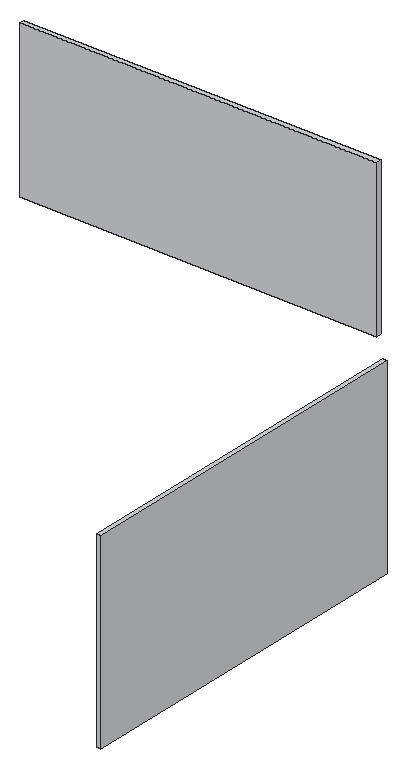
Revit family "EKF560E3 BIM position 2", category Mechanical Equipment, Revit 2013
Parameters (values of type "EKF560E3")
  Width = "850 mm"
  Weight = "132 kg"
  Warranty period = "Unit 2 years                                    Motor 5 years"
  Sub Type = "Lo-Carbon Kitchen Box Fan"
  Width (including handles) = "929 mm"
  Height (inclusing controller) = "1017 mm"
  Product Description = "Lo-Carbon Kitchen Box Fan"
  Part Number = "EKF560E3"
  Operating Temperature = "(-20C to +40C)"
  Maximum In-Duct Temperature = "120 Degrees C"
  Motor Rating = "2.58kW Max"
  Manufacturer - Website = "www.vent-axia.com"
  Manufacturer - Name = "Vent-Axia Ltd"
  Manufacturer - Email = "sales@vent-axia.com"
  Manufacturer - Contact Phone = "0844 856 0590"
  Manufacturer - Address = "Fleming Way, Crawley, West Sussex RH10 9YX"
  IP Rating = "IP54"
  Height = "850 mm"
  Length = "850 mm"
  Family = "In-Line Range"
  Country of Manufacture = "UK"
  Category = "Lo-Carbon Kitchen Box Fan"
  AC Voltage Input = "380-415V AC Three Phase"
  AC Frequency Input = "50 Hz"
Reference planes
  plane 1 "Center (Front/Back)": y = 0
  plane 2: z = 0
  plane 3 "Center (Left/Right)": x = 0
  plane 4: y = -464.5
  plane 5: x = -425
  plane 6: x = 425
  plane 7: z = 535
  plane 8: z = 508.5
  plane 9: z = -508.5
Forms (mm)
  Extrusion 1, solid, detail levels coarse+medium
    sketch origin (-1239.08, 268.949, -45.414) x (1, 0, 0) y (0, 1, 0)
      loop
        line (748.906, 275.954) -> (748.906, -849.574) -> (1723.743, -849.574) -> (1723.743, 275.954) -> (748.906, 275.954)
    from -528.48 to 592.522
  Extrusion 2, solid
    sketch origin (0, 0, 0) x (0, 1, 0) y (0, 0, 1)
      loop
        line (364.007, -50) -> (-365.993, -50) -> (-365.993, -440) -> (364.007, -440) -> (364.007, -50)
    from 408.253 to 416.253
  Extrusion 3, solid
    sketch origin (-9.007, -0.946, 0) x (1, 0, 0) y (0, 0, 1)
      loop
        line (365.261, 270) -> (-364.739, 270) -> (-364.739, -48.5) -> (365.261, -48.5) -> (365.261, 270)
    from -425.174 to -415.174
Dimensions and locks
  plane 5 to plane 6 = 850 mm
Connectors
  hvac at (408.253, -0.772, -245)
    settings: on import instance, index 1, duct flow 0.0 L/s, flow factor 0, pres drop 0.0 Pa, loss coef 0, conn angle 0.00°, conn width 730 mm, conn height 390 mm, conn radius 304.8 mm, duct sys type 2, conn prof type 1, flow config 0, flow direction 1, loss method 0, conn ref index -1, conn util no, is conn primary yes, conn desc ""
  hvac at (-8.747, 414.228, 110.75)
    settings: on import instance, index 2, duct flow 0.0 L/s, flow factor 0, pres drop 0.0 Pa, loss coef 0, conn angle 0.00°, conn width 730 mm, conn height 319 mm, conn radius 304.8 mm, duct sys type 2, conn prof type 1, flow config 0, flow direction 2, loss method 0, conn ref index -1, conn util no, is conn primary no, conn desc ""
